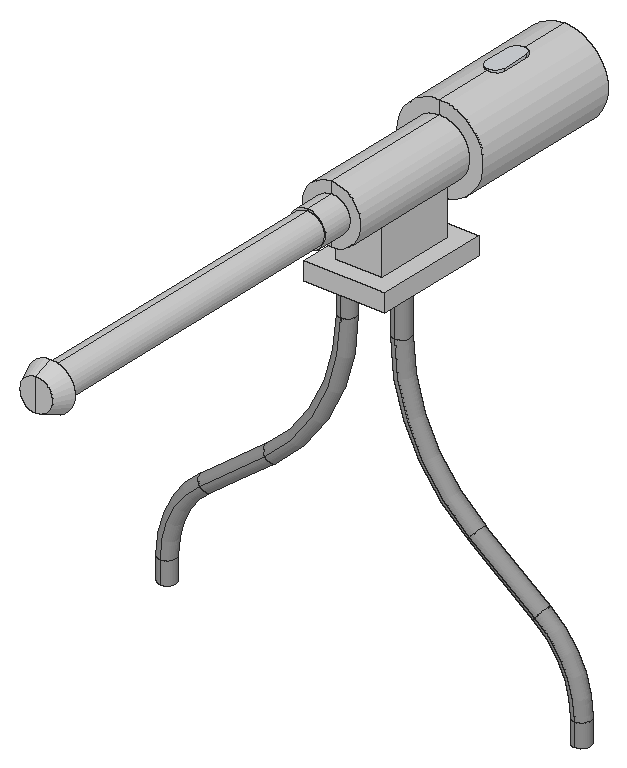
Revit family "tectron-rondo_infra-red-flush-valve-for-urinal_37421000", category Plumbing Fixtures, host Face, Revit 2014
Parameters
  _distributed by = "www.bimstore.co.uk"
  _current revision = 1  # constant formula
  _created by = "Ryan Lashley"  # constant formula
  _authorized by = "Kris Atkinson"  # constant formula
  _BIMspec_GUID = 0  # constant formula
  Waste Connection = no
  WarrantyStartDate [instance] = "Please record on commissioning."
  WarrantyGuarantorParts = ""
  WarrantyGuarantorLabor = ""
  WarrantyDurationUnit = "Years"  # constant formula
  WarrantyDurationParts = ""
  WarrantyDurationLabor = ""
  WarrantyDescription = ""
  WFU = 0
  Vent Connection = no
  URL = "www.grohe.com"
  TypeName = Model  # "Tectron Rondo Infra red Flush - 37421000"
  Type Comments = "Tectron Rondo Infra red Flush - 37421000"  # constant formula
  TagNumber = ""
  SpareParts = ""
  Size = ""
  Shape = ""
  SerialNumber [instance] = "Please record on commissioning."
  ReplacementCost = ""
  ReferencedStandard = ""
  ProductionYear = "2016"  # constant formula
  Product Page URL = "http://www.grohe.com/30898/search/search-result/product-details/?product=30199-G267&color=000&material=30199000"
  Product Documentation Link = "http://www.grohe.com/30898/search/search-result/product-details/?product=30199-G267&color=000&material=30199000"
  Percentage of Recycled Content = ""
  NBSReference = "45-35-15/432"  # constant formula
  NBSObjectName = "Commercial stainless steel sinks;"  # constant formula
  NBSDescription = "Commercial stainless steel sinks;"  # constant formula
  ModelNumber = Type Comments  # "Tectron Rondo Infra red Flush - 37421000"
  Model = "Tectron Rondo Infra red Flush - 37421000"  # constant formula
  Material = "Chrome"  # constant formula
  Masterformat Title = "Sanitary Facilities"  # constant formula
  Masterformat Number = "01 52 19"  # constant formula
  Manufacturer = "Grohe Limited"  # constant formula
  Low Emitting Material = no
  LEED Credit = ""
  Keynote = "N13"  # constant formula
  InstallationDate [instance] = "Please record on commissioning."
  Industry Standards = "n/a"  # constant formula
  Hot Water Connection Diameter = 10 mm  # constant formula
  HWFU = 4.5
  HW Connection = yes
  Grade = ""
  Finish = "Chrome"  # constant formula
  Features = "GROHE StarLight® finish. GROHE SilkMove® 35 mm ceramic cartridge with Eco-Override-Stop and cold start function"  # constant formula
  Faucet Material = Grohe-Chrome
  Extidentifier = ""
  ExpectedLife = 0
  Ecojoy = no
  DurationUnit = "Years"  # constant formula
  DocumentationTechnical = "http://d3unq1hljpybmw.cloudfront.net/tpi/1000/1600/1640/1642/1642716/original/1642716.pdf"
  DocumentationMaintenance = "http://d3unq1hljpybmw.cloudfront.net/tpi/1000/1900/1940/1948/1948997/original/1948997.pdf"
  DocumentationLiterature = ""
  DocumentationInstallationGuide = ""
  DocumentationCertificates = ""
  Description = "Eurosmart Cosmopolitan. Single-lever sink mixer 1/2. medium spout. single hole installation. mousseur. adjustable flow rate limiter. swivel tubular spout. swivel area 140. flexible connection hoses. rapid installation system. Qualitel approval"  # constant formula
  Default Elevation = 600 mm
  CreatedOn = "June 2016"  # constant formula
  CreatedBy = "info-uk@grohe.com"  # constant formula
  Cost = 0
  Contact Grohe = "GROHE Limited, World Business Centre 2, Newall Road, London Heathrow Airport, Hounslow, Middlesex, TW6 2SF - Tel: +44 (0) 871 200 3414 - Fax: +44 (0) 871 200 3415 - EMail: info-uk@grohe.com"  # constant formula
  Constituents = ""
  Color = "Chrome"  # constant formula
  Cold Water Connection Diameter = 10 mm  # constant formula
  CodePerformance = ""
  ClassificationValue = "Pr_40_20_96_45"  # constant formula
  ClassificationName = "Uniclass 2015"  # constant formula
  CWFU = 4.5
  CW Connection = yes
  BarCode [instance] = "Please record on commissioning."
  AssetType = "Fixed"  # constant formula
  AssetIdentifier [instance] = "Please record on commissioning."
  Assembly Code = "C1030220"
  AccessibilityPerformance = ""
  ADA Compliant = no
Reference planes
  plane 1 "Center (Front/Back)": y = 0
  plane 2: z = 0
  plane 3 "Center (Left/Right)": x = 0
  plane 4: z = 0
  plane 5: y = 0
Forms (mm)
  Sweep 1, solid, material "Grohe-Pipework"
    path in 3D
      loop
        line (15, 0, 0) -> (15, 0, -22.649)
        arc (15, 0, -22.649) -> (26.032, 0, -69.5) -> (56.809, 0, -106.506) r 105
        line (56.809, 0, -106.506) -> (92.929, 0, -133.724)
        arc (92.929, 0, -133.724) -> (109.051, 0, -153.108) -> (114.829, 0, -177.649) r 55
        line (114.829, 0, -177.649) -> (114.829, 0, -190.227)
    profile origin (15, 0, -11.324) x (0, -1, 0) y (1, 0, 0)
      loop
        circle (0, 0) r 4.75
  Sweep 2, solid, material "Grohe-Pipework"
    path in 3D
      loop
        line (-15, 0, 0) -> (-15, 0, -22.649)
        arc (-15, 0, -22.649) -> (-26.032, 0, -69.5) -> (-56.809, 0, -106.506) r 105
        line (-56.809, 0, -106.506) -> (-92.929, 0, -133.724)
        arc (-92.929, 0, -133.724) -> (-109.051, 0, -153.108) -> (-114.829, 0, -177.649) r 55
        line (-114.829, 0, -177.649) -> (-114.829, 0, -190.227)
    profile origin (-15, 0, -11.324) x (0, -1, 0) y (1, 0, 0)
      loop
        circle (0, 0) r 4.75
  Revolve 3, solid, material "Grohe-Chrome" <- "Faucet Material"
    sketch origin (0, 41.7, 18.676) x (0, 0, -1) y (0, -1, 0)
      loop
        line (-26.324, -90.025) -> (-26.324, 275.975) -> (-35.324, 275.975) -> (-39.558, 265.975) -> (-35.324, 265.975) -> (-35.324, 87.975) -> (-36.324, 87.975) -> (-36.324, 71.169) -> (-42.574, 71.169) -> (-42.574, -3.831) -> (-50.324, -3.831) -> (-50.324, -90.025) -> (-26.324, -90.025)
      axis (-26.324, 275.975) -> (-26.324, -90.025)
    angle from 0 to 360
  Extrusion 4, solid, material "Grohe-Chrome" <- "Faucet Material"
    sketch origin (0, 41.7, -14.717) x (0, 0, -1) y (0, -1, 0)
      loop
        line (-56.316, 7.497) -> (-14.717, 7.497) -> (-14.717, 52.497) -> (-56.316, 52.497) -> (-56.316, 7.497)
    from -12.647 to 12.601
  Extrusion 5, solid, material "Grohe-Chrome" <- "Faucet Material"
    sketch origin (0, 47.019, 153.7) x (0, 1, 0) y (-1, 0, 0)
      loop
        line (-2.815, 22.601) -> (-67.815, 22.601) -> (-67.815, -22.647) -> (-2.815, -22.647) -> (-2.815, 22.601)
    from -153.7 to -143.7
  Extrusion 6, solid
    sketch origin (0, 47.019, 153.7) x (0, 1, 0) y (-1, 0, 0)
      loop
        line (51.457, 4.77) -> (36.457, 4.77)
        arc (36.457, 4.77) -> (31.457, -0.23) -> (36.457, -5.23) r 5
        line (36.457, -5.23) -> (51.457, -5.23)
        arc (51.457, -5.23) -> (56.457, -0.23) -> (51.457, 4.77) r 5
    from -92.781 to -84.137
Lines and regions (mm)
  sketch lines
    curve 1: line (15, 0, 0) -> (15, 0, -22.649)
    curve 2: arc (56.809, 0, -106.506) -> (26.032, 0, -69.5) -> (15, 0, -22.649) r 105
    curve 3: line (56.809, 0, -106.506) -> (92.929, 0, -133.724)
    curve 4: arc (114.829, 0, -177.649) -> (109.051, 0, -153.108) -> (92.929, 0, -133.724) r 55
    curve 5: line (114.829, 0, -177.649) -> (114.829, 0, -190.227)
    curve 6: line (-15, 0, 0) -> (-15, 0, -22.649)
    curve 7: arc (-56.809, 0, -106.506) -> (-26.032, 0, -69.5) -> (-15, 0, -22.649) r 105
    curve 8: line (-56.809, 0, -106.506) -> (-92.929, 0, -133.724)
    curve 9: arc (-114.829, 0, -177.649) -> (-109.051, 0, -153.108) -> (-92.929, 0, -133.724) r 55
    curve 10: line (-114.829, 0, -177.649) -> (-114.829, 0, -190.227)
Dimensions and locks
  Revolve 3 sketch curve to Revolve 3 sketch curve = 24 mm
  locked: plane 1 "Center (Front/Back)" to Revolve 3 sketch curve at 46.275
  Revolve 3 sketch curve to Revolve 3 sketch curve = 188 mm
  locked: Revolve 3 sketch curve to Revolve 3 sketch curve at 10
  aligned and locked: plane 2 to host face
  aligned and locked: level to host face
Connectors
  piping at (-114.829, 0, -190.227), diameter 10, driven by "HWFU"
    settings: on Sweep 2, index 1, connector inside diameter 0.3937", connector length 0 mm, flow factor 0, pipe flow 0 GPM, pressure drop 3.00 psi, fitting loss kfactor 0, connector angle 0.00°, fixture units 4.5, engagement length 0 mm, angle of deflection 0.00°, flow configuration 3, flow direction 1, fitting loss method 4, system type 19, joint type 0, gender type 0, connector reference index -1, connector utility 0, adjustable connector no, is connector primary yes, connector description ""
  piping at (114.829, 0, -190.227), diameter 10, driven by "CWFU"
    settings: on Sweep 1, index 2, connector inside diameter 0.3937", connector length 0 mm, flow factor 0, pipe flow 0 GPM, pressure drop 3.00 psi, fitting loss kfactor 0, connector angle 0.00°, fixture units 4.5, engagement length 0 mm, angle of deflection 0.00°, flow configuration 3, flow direction 1, fitting loss method 4, system type 20, joint type 0, gender type 0, connector reference index -1, connector utility 0, adjustable connector no, is connector primary no, connector description ""
